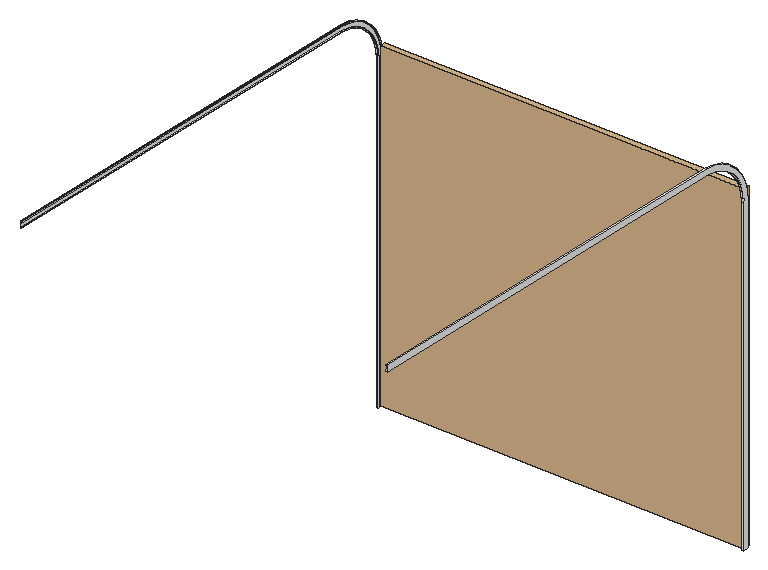
Revit family
Parameters (values of type "7Ft H x 8Ft W")
  Track Width = Width + 0' 2"  # 8' - 2"
  Track Height = Height + 1' 0"  # 8' - 0"
  Track Depth = 10' - 0"
  Track = Metal
  Thickness = 0' - 4"
  SmartBIM Object Version = 1  # constant formula
  SmartBIM Object Created By = "Reed Construction Data"  # constant formula
  Rough Height = 0' - 4"
  Panel Thickness = 0' - 1 1/2"
  Manufacturer = ""
  Height = 7' - 0"
  Wall Closure = (empty or 0)
  Width = 8' - 0"
  Glass = Glass
  Door = Wood
  95 CSI = "08360"  # constant formula
  04 CSI = "08 36 13"  # constant formula
Types (3): name | Track Width | Width
  (no name) | 8' - 2" | 8' - 0"
  7Ft H x 8Ft W | 8' - 2" | 8' - 0"
  7Ft H x 16Ft W | 16' - 2" | 16' - 0"
Reference planes (in)
  plane 1 "Center (Front/Back)": y = 0
  plane 2 "Center (Left/Right)": x = 0
  plane 3 "Left": x = -48
  plane 4 "Right": x = 48
  plane 5: x = -49
  plane 6: x = 49
  plane 7: y = -2.5
  plane 8: z = 84
  plane 9: x = -45
  plane 10: x = -3
  plane 11: z = 78
  plane 12: x = 3
  plane 13: x = 45
  plane 14: y = -2.5
  plane 15: y = -2.5
  plane 16 "Interior": y = -3.25
  plane 17 "Exterior": y = -1.75
  plane 18: y = -1.75
  plane 19: y = -3.25
  plane 20: y = -1.75
  plane 21: z = 3
  plane 22: z = 27
  plane 23: z = 33
  plane 24: z = 81
Forms (in)
  Extrusion 1, solid, material "Wood" <- "Door"
    sketch origin (0, 0, 0) x (1, 0, 0) y (0, 0, 1)
      loop
        line (49, 87) -> (-49, 87) -> (-49, 0) -> (49, 0) -> (49, 87)
    from 1.75 to 3.25
Lines and regions (in)
  Opening 1
    outline origin (-90, -1.75, 0) x (1, 0, 0) y (0, 0, 1)
      loop
        line (42, 0) -> (138, 0) -> (138, 87) -> (42, 87) -> (42, 0)
  model lines
    curve 1: line (48, -1.75, 0) -> (48, -1.75, 87)
    curve 2: line (-48, -1.75, 87) -> (-48, -1.75, 0)
    curve 3: line (45, -1.75, 4.72763) -> (45, -1.75, 27)
    curve 4: line (41.97665, -1.75, 3) -> (3, -1.75, 3)
    curve 5: line (-45, -1.75, 4.72763) -> (-45, -1.75, 27)
    curve 6: line (3, -1.75, 3) -> (3, -1.75, 25.27237)
    curve 7: line (-3, -1.75, 3) -> (-3, -1.75, 25.27237)
    curve 8: line (-3, -1.75, 3) -> (-41.97665, -1.75, 3)
    curve 9: line (45, -1.75, 27) -> (6.02335, -1.75, 27)
    curve 10: line (-6.02335, -1.75, 27) -> (-45, -1.75, 27)
    curve 11: line (45, -1.75, 33) -> (3, -1.75, 33)
    curve 12: line (-3, -1.75, 33) -> (-45, -1.75, 33)
    curve 13: arc (45, -1.75, 81) -> (24.06585, -1.75, 83.4219) -> (3, -1.75, 84) r 240.25117
    curve 14: arc (-3, -1.75, 84) -> (-24.0758, -1.75, 83.56119) -> (-45, -1.75, 81) r 208.84735
    curve 17: line (45, -1.75, 4.72763) -> (6.02335, -1.75, 27)
    curve 18: line (3, -1.75, 25.27237) -> (41.97665, -1.75, 3)
    curve 19: line (-41.97665, -1.75, 3) -> (-3, -1.75, 25.27237)
    curve 20: line (-6.02335, -1.75, 27) -> (-45, -1.75, 4.72763)
    curve 21: line (3, -1.75, 33) -> (3, -1.75, 84)
    curve 22: line (-3, -1.75, 33) -> (-3, -1.75, 84)
    curve 23: line (-45, -1.75, 33) -> (-45, -1.75, 81)
    curve 24: line (45, -1.75, 33) -> (45, -1.75, 81)
    curve 25: arc (-3, -3.25, 84) -> (-24.0758, -3.25, 83.56119) -> (-45, -3.25, 81) r 208.84735
    curve 26: line (-45, -3.25, 81) -> (-45, -3.25, 33)
    curve 27: line (-45, -3.25, 33) -> (-3, -3.25, 33)
    curve 28: line (-3, -3.25, 33) -> (-3, -3.25, 84)
    curve 29: arc (45, -3.25, 81) -> (24.06585, -3.25, 83.4219) -> (3, -3.25, 84) r 240.25117
    curve 30: line (3, -3.25, 84) -> (3, -3.25, 33)
    curve 31: line (3, -3.25, 33) -> (45, -3.25, 33)
    curve 32: line (45, -3.25, 33) -> (45, -3.25, 81)
    curve 33: line (45, -3.25, 27) -> (6.02335, -3.25, 27)
    curve 34: line (6.02335, -3.25, 27) -> (45, -3.25, 4.72763)
    curve 35: line (45, -3.25, 4.72763) -> (45, -3.25, 27)
    curve 36: line (3, -3.25, 25.27237) -> (41.97665, -3.25, 3)
    curve 37: line (41.97665, -3.25, 3) -> (3, -3.25, 3)
    curve 38: line (3, -3.25, 3) -> (3, -3.25, 25.27237)
    curve 39: line (-41.97665, -3.25, 3) -> (-3, -3.25, 25.27237)
    curve 40: line (-3, -3.25, 25.27237) -> (-3, -3.25, 3)
    curve 41: line (-3, -3.25, 3) -> (-41.97665, -3.25, 3)
    curve 42: line (-6.02335, -3.25, 27) -> (-45, -3.25, 27)
    curve 43: line (-45, -3.25, 27) -> (-45, -3.25, 4.72763)
    curve 44: line (-45, -3.25, 4.72763) -> (-6.02335, -3.25, 27)
  reference lines
    curve 15: line (45, -1.75, 3) -> (3, -1.75, 27)
    curve 16: line (-3, -1.75, 27) -> (-45, -1.75, 3)
Text (in)
  text "Exterior" at (-74.96733, 27.31104, 0), in view "Ref. Level"
  text "Interior" at (-76.69036, -30.31274, 0), in view "Ref. Level"
  text "Exterior" at (0, 40.15149, 123.01588), in view "Right"
  text "Interior" at (0, -64.39139, 123.01588), in view "Right"
  text "Interior" at (0, -31.01599, 123.00693), in view "Left"
  text "Exterior" at (0, 54.57065, 123.00693), in view "Left"
Dimensions and locks (in)
  equal spacing: plane 3 "Left", plane 2 "Center (Left/Right)", plane 4 "Right"
  "Width": plane 3 "Left" to plane 4 "Right"
  locked: plane 5 to plane 3 "Left" at 1
  locked: plane 4 "Right" to plane 6 at 1
  "Panel Thickness": Extrusion 1 to Extrusion 1
  locked: plane 3 "Left" to plane 9 at 3
  plane 8 to plane 11 = 0' - 6"
  locked: plane 13 to plane 4 "Right" at 3
  plane 14 to Extrusion 1 = 0' - 0 3/4"
  equal spacing: plane 17 "Exterior", plane 7, plane 19
  "Panel Thickness": plane 17 "Exterior" to plane 16 "Interior"
  locked: level to plane 21 at 3
  plane 21 to level = 0' - 3"
  locked: plane 2 "Center (Left/Right)" to plane 10 at 3
  locked: plane 12 to plane 2 "Center (Left/Right)" at 3
  plane 2 "Center (Left/Right)" to plane 9 = 3' - 9"
  plane 4 "Right" to plane 2 "Center (Left/Right)" = 4' - 0"
  equal spacing: plane 12, plane 2 "Center (Left/Right)", plane 10
  locked: plane 21 to plane 22 at 24
  locked: plane 22 to plane 23 at 6
  "Height": level to plane 8
  locked: plane 24 to plane 8 at 3
  plane 11 to plane 24 = 0' - 3"
  equal spacing: curve 20, curve 16, curve 19
  locked: curve 20 to curve 19 at 3
  equal spacing: curve 18, curve 15, curve 17
  locked: curve 18 to curve 17 at 3
  aligned and locked: plane 3 "Left" to Opening 1 sketch curve
  aligned and locked: Opening 1 sketch curve to plane 4 "Right"
  aligned and locked: Opening 1 sketch curve to level
  aligned and locked: Extrusion 1 sketch curve to plane 6
  aligned and locked: Extrusion 1 sketch curve to level
  aligned and locked: plane 14 to plane 15
  aligned and locked: curve 1 to host wall
  aligned and locked: curve 2 to host wall
  aligned and locked: plane 14 to plane 7
  aligned and locked: plane 17 "Exterior" to host wall
  aligned and locked: plane 16 "Interior" to plane 19
  aligned and locked: plane 20 to plane 18
  aligned and locked: Extrusion 1 to plane 19
  aligned and locked: plane 20 to Extrusion 1
  aligned and locked: host wall to plane 20
  aligned and locked: Extrusion 1 sketch curve to host wall
  aligned and locked: curve 4 to plane 21
  aligned and locked: curve 7 to plane 10
  aligned and locked: plane 21 to curve 6
  aligned and locked: plane 8 to curve 22
  aligned and locked: plane 8 to curve 21
  aligned and locked: curve 9 to plane 22
  aligned and locked: plane 9 to curve 10
  aligned and locked: curve 11 to plane 23
  aligned and locked: curve 12 to plane 23
  aligned and locked: plane 12 to curve 21
  aligned and locked: plane 13 to curve 13
  aligned and locked: plane 24 to curve 23
  aligned and locked: curve 15 to curve 3
  aligned and locked: curve 16 to curve 10
  aligned and locked: curve 16 to curve 5
  aligned and locked: curve 25 to curve 14
  aligned and locked: curve 26 to curve 23
  aligned and locked: curve 27 to curve 12
  aligned and locked: curve 28 to curve 22
  aligned and locked: curve 29 to curve 13
  aligned and locked: curve 30 to curve 21
  aligned and locked: curve 31 to curve 11
  aligned and locked: curve 32 to curve 24
  aligned and locked: curve 33 to curve 9
  aligned and locked: curve 34 to curve 17
  aligned and locked: curve 35 to curve 3
  aligned and locked: curve 36 to curve 18
  aligned and locked: curve 37 to curve 4
  aligned and locked: curve 38 to curve 6
  aligned and locked: curve 39 to curve 19
  aligned and locked: curve 40 to curve 7
  aligned and locked: curve 41 to curve 8
  aligned and locked: curve 42 to curve 10
  aligned and locked: curve 43 to curve 5
  aligned and locked: curve 44 to curve 20
  aligned and locked: nested 1 to plane 7
  aligned and locked: nested 1 to plane 2 "Center (Left/Right)"
Automatic sketch dimensions
  plane 8 to Opening 1 sketch curve = 0' - 3"
  Extrusion 1 sketch curve to plane 5 = 0' - 0"
  curve 1 to plane 4 "Right" = 0' - 0"
  curve 2 to plane 3 "Left" = 0' - 0"
  curve 2 to level = 0' - 0"
  curve 1 to level = 0' - 0"
  curve 8 to plane 21 = 0' - 0"
  curve 13 to plane 24 = 0' - 0"
  curve 13 to plane 12 = 0' - 3.94866"
  curve 14 to plane 10 = 0' - 6.19604"
  plane 8 to curve 1 = 0' - 3"
  plane 8 to curve 2 = 0' - 3"
  curve 15 to plane 13 = 0' - 0"
  curve 15 to plane 12 = 0' - 0"
  curve 16 to plane 10 = 0' - 0"
  curve 16 to plane 9 = 0' - 0"
  curve 16 to plane 21 = 0' - 0"
  curve 15 to plane 21 = 0' - 0"
  curve 16 to plane 22 = 0' - 0"
  curve 15 to plane 22 = 0' - 0"
  curve 6 to plane 12 = 0' - 0"
  curve 22 to plane 10 = 0' - 0"
  curve 12 to plane 9 = 0' - 0"
Nested families (in)
  nested 1: "Door Track" at (-0.5, -64, 0), Width <- "Track Width", Height <- "Track Height", Depth <- "Track Depth", type "Door Track"
    with Width 8' - 2", Height 8' - 0", Depth 10' - 0"
Definition of nested family "Door Track"
  Parameters
    Width [instance] = 10' - 0"
    Track = Metal
    Height [instance] = 11' - 0"
    Depth [instance] = 8' - 0"
  Reference planes (in)
    plane 1 "Center (Front/Back)": y = 0
    plane 2: z = 0
    plane 3 "Center (Left/Right)": x = 0.5
    plane 4 "Back": y = 48
    plane 5 "Front": y = -48
    plane 6 "Left": x = -59.5
    plane 7 "Right": x = 60.5
    plane 8 "Top": z = 132
    plane 9 "Center (Up/Down)": z = 66
    plane 10: y = 48.75
    plane 11: y = 49.5
  Forms (in)
    Sweep 1, solid, material "Metal" <- "Track"
      path origin (60.5, 60, 48) x (0, 1, 0) y (0, 0, 1)
        loop
          line (-12, -48) -> (-12, 72)
          arc (-12, 72) -> (-15.51472, 80.48528) -> (-24, 84) r 12
          line (-24, 84) -> (-108, 84)
      profile origin (60.5, -6, 132) x (0, 0, -1) y (1, 0, 0)
        loop
          line (-1.5, 0) -> (-1.375, 0) -> (-1.375, 0.375) -> (-0.125, 0.375) -> (-0.125, 0) -> (0, 0) -> (0, 0.5) -> (-1.5, 0.5) -> (-1.5, 0)
    Sweep 2, solid, material "Metal" <- "Track"
      path origin (-59.5, 60, 48) x (0, 1, 0) y (0, 0, 1)
        loop
          line (-12, -48) -> (-12, 72)
          arc (-12, 72) -> (-15.51472, 80.48528) -> (-24, 84) r 12
          line (-24, 84) -> (-108, 84)
      profile origin (-59.5, -6, 132) x (0, 0, -1) y (1, 0, 0)
        loop
          line (-1.5, 0) -> (-1.5, -0.5) -> (0, -0.5) -> (0, 0) -> (-0.125, 0) -> (-0.125, -0.375) -> (-1.375, -0.375) -> (-1.375, 0) -> (-1.5, 0)
  Dimensions and locks (in)
    equal spacing: plane 6 "Left", plane 3 "Center (Left/Right)", plane 7 "Right"
    "Width": plane 6 "Left" to plane 7 "Right"
    equal spacing: plane 4 "Back", plane 1 "Center (Front/Back)", plane 5 "Front"
    "Depth": plane 4 "Back" to plane 5 "Front"
    "Height": plane 8 "Top" to plane 2
    equal spacing: plane 8 "Top", plane 9 "Center (Up/Down)", level
    locked: Sweep 2 sketch curve to Sweep 2 sketch curve at 0.125  (x3)
    locked: Sweep 2 sketch curve to Sweep 2 sketch curve at 0.5  (x2)
    locked: Sweep 2 sketch curve to Sweep 2 sketch curve at 1.5
    locked: Sweep 1 sketch curve to Sweep 1 sketch curve at 0.5  (x2)
    locked: Sweep 1 sketch curve to Sweep 1 sketch curve at 0.125  (x3)
    locked: Sweep 1 sketch curve to Sweep 1 sketch curve at 1.5
    equal spacing: plane 4 "Back", plane 10, plane 11
    locked: plane 10 to plane 11 at 0.75
    radius of Sweep 1 sketch curve = 1' - 0"
    radius of Sweep 2 sketch curve = 1' - 0"
    aligned and locked: plane 8 "Top" to Sweep 1 sketch curve  (x2)
    aligned and locked: plane 5 "Front" to Sweep 1 sketch curve
    aligned and locked: plane 4 "Back" to Sweep 1 sketch curve
    aligned and locked: plane 4 "Back" to Sweep 2 sketch curve
    aligned and locked: plane 5 "Front" to Sweep 2 sketch curve
    aligned and locked: level to Sweep 2 sketch curve
    aligned and locked: Sweep 2 sketch curve to profile plane  (x2)
    aligned and locked: Sweep 1 sketch curve to profile plane
    aligned and locked: plane 11 to Sweep 1
  Automatic sketch dimensions
    Sweep 1 sketch curve to level = 0' - 0"
    Sweep 2 sketch curve to plane 8 "Top" = 0' - 0"
